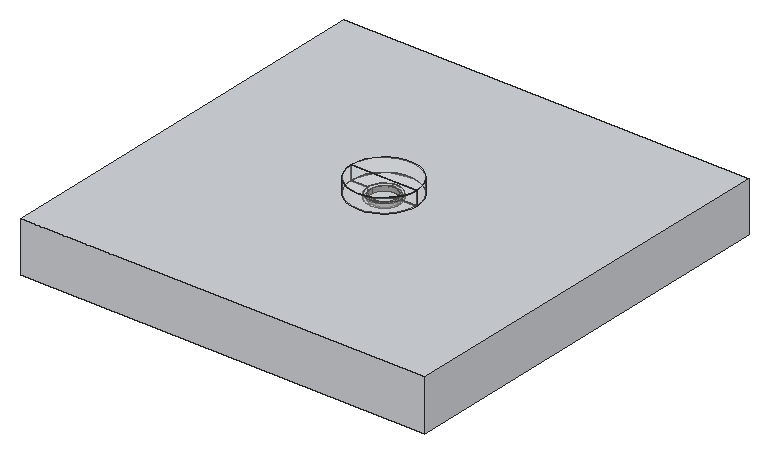
Revit family "LE_D_RU_Anbauleuchte_V1700", category Leuchten, Revit 2017
Family settings
  Basisbauteil = Fläche
  Bemaßung runder Anschluss = Durchmesser verwenden
  Teiletyp = Normal
  OmniClass-Nummer = 23.80.70.11.14.11
  OmniClass-Titel = Downlights
  Beim Laden mit Abzugskörper schneiden = Nein
  Lichtquelle = Ja
  Gemeinsam genutzt = Nein
  Raumberechnungspunkt = Nein
Parameters (values of type "Downlight_40cm")
  pbr_Material_KZ = ""
  pbr_Material = none
  pbr_E_Typ = ""
  pbr_E_KZ = ""
  pbr_DINBild = 0
  pbr_Bild = 0
  Zentrale [instance] = ""
  Wirkleistung [instance] = 0 W
  Wattage = 100 W
  Typenkommentare = "A1"
  Typ = "A17"
  Text3 = ""
  Text2 = ""
  Text1 = ""
  built-in parameter 1150110 = 1 (stored number, unit not read)
  built-in parameter 1150109 = 1 (stored number, unit not read)
  built-in parameter 1150134 = 4
  built-in parameter 1150113 = 1 (stored number, unit not read)
  Spannung [instance] = 0
  Scheinleistung [instance] = 0 VA
  Schaltgruppe2 [instance] = 0
  Schaltgruppe1 [instance] = 0
  Radius/2 = Radius / 2  # 100 mm
  Radius = 200 mm
  Planungsbüro Rohling = "www.pbr.de"
  Neigungswinkel = -90.00°
  Menge(Dosenzahl) = 1
  Linie/Anschluss [instance] = ""
  Lampentyp [instance] = ""
  Kommentar zur Wattzahl [instance] = ""
  Installationsart [instance] = ""
  Info = ""
  Gewerk [instance] = "BEL"
  built-in parameter 1010507 = 1.5708 (stored number, unit not read)
  built-in parameter 1010506 = 0.5236 (stored number, unit not read)
  built-in parameter 1150115 = 1 (stored number, unit not read)
  built-in parameter 1150105 = 5851.2 (stored number, unit not read)
  Lastklassifizierung = Beleuchtung
  Light Source Symbol Length = 3048 mm
  built-in parameter 1150137 = 1
  built-in parameter 1150139 = (empty or 0)
  Lichtboxmaterial = Metall - Oberfläche lackiert - Dunkelgrau, matt
  built-in parameter 1150112 = 1 (stored number, unit not read)
  built-in parameter 1150114 = 1 (stored number, unit not read)
  built-in parameter 1150132 = (empty or 0)
  B_YVersatz [instance] = 1822.643 mm
  B_XVerastz [instance] = 880.287 mm
  built-in parameter 1150102 = (empty or 0)
  built-in parameter 1150138 = (empty or 0)
  built-in parameter 1150107 = 2800 (stored number, unit not read)
  built-in parameter 1150106 = 58.512 (stored number, unit not read)
  Von Kreisdurchmesser aussenden = 248 mm  # constant formula
  Emit Shape Visible in Rendering = no
  built-in parameter 1150104 = 1.6258 (stored number, unit not read)
  Dimming Lamp Color Temperature Shift = (empty or 0)
  Diffusormaterial = Glas - Weiß, hohe Luminanz
  Lumens = 1750 lm
  built-in parameter 1114217 = 0.88 (stored number, unit not read)
  Lamp = ""
  Vorgabe-Ansicht = 1200 mm
  Color Filter = 16777215
  built-in parameter 1140040 [instance] = 1
  Spannung Vorschaltgerät = 230 V
  Phasen Vorschaltgerät = 1
  built-in parameter 1114218 = 0.88 (stored number, unit not read)
  Länge des Lichtquellensymbols = 3048 mm
  Baugruppenkennzeichen = "D5020220"
  Scheinlast = 0 VA
Types (4, lengths in mm): name | Radius/2 | Radius
  Downlight_50cm | 100 | 200
  Downlight_40cm | 100 | 200
  Downlight_30cm | 75 | 150
  Downlight_10cm | 50 | 100
Reference planes
  plane 1 "Mitte (Vorne/Hinten)": y = 0
  plane 2: z = 0
  plane 3 "Mitte (Links/Rechts)": x = 0
  plane 4: z = 25.4
  plane 5: z = 114.3
  plane 6: x = -200
  plane 7: x = -196.825
  plane 8: z = 111.125
  plane 9: x = -100
  plane 10: x = -96.825
  plane 11: z = 28.575
  plane 12: x = -73
Forms (mm)
  Extrusion 1, solid
    sketch origin (0, 0, 0) x (1, 0, 0) y (0, 1, 0)
      loop
        line (-1219.2, 1219.2) -> (-1219.2, -1219.2) -> (1219.2, -1219.2) -> (1219.2, 1219.2) -> (-1219.2, 1219.2)
    from 0 to -304.8
  Revolve 2, solid, material "Glas - Weiß, hohe Luminanz" <- "Diffusormaterial"
    sketch origin (0, 0, 0) x (1, 0, 0) y (0, 0, 1)
      loop
        line (0, 114.3) -> (-200, 114.3) -> (-200, 25.4) -> (-100, 25.4) -> (-100, 0) -> (-96.825, 0) -> (-96.825, 28.575) -> (-196.825, 28.575) -> (-196.825, 111.125) -> (0, 111.125) -> (0, 114.3)
      axis (0, 114.3) -> (0, 0)
    angle from 0 to 360
  Extrusion 3, solid, material "Metall - Oberfläche lackiert - Dunkelgrau, matt" <- "Lichtboxmaterial"
    sketch origin (0, 0, 0) x (1, 0, 0) y (0, 1, 0)
      loop
        circle (0, 0) r 82.55
      loop
        circle (0, 0) r 76.2
    from 0 to 25.4
Lines and regions (mm)
  model lines
    curve 1: line (0, 0, 0) -> (-21.213, 21.213, 0)
    curve 2: line (0, 0, 0) -> (21.213, 21.213, 0)
    curve 3: line (0, 0, 0) -> (21.213, -21.213, 0)
    curve 4: line (0, 0, 0) -> (-21.213, -21.213, 0)
Dimensions and locks
  locked: plane 4 to plane 2 at 25.4
  locked: plane 5 to plane 4 at 88.9
  "Radius": plane 3 "Mitte (Links/Rechts)" to plane 6
  locked: plane 7 to plane 6 at 3.175
  "Radius/2": plane 3 "Mitte (Links/Rechts)" to plane 9
  locked: plane 10 to plane 9 at 3.175
  locked: plane 5 to plane 8 at 3.175
  locked: plane 11 to plane 4 at 3.175
  plane 10 to imposter light = 96.825 mm
  plane 9 to imposter light = 100 mm
  plane 7 to plane 12 = 123.825 mm
  plane 6 to plane 12 = 127 mm
  aligned and locked: plane 2 to Extrusion 1
  aligned and locked: level to Extrusion 1
  aligned and locked: imposter light to plane 3 "Mitte (Links/Rechts)"
  aligned and locked: plane 1 "Mitte (Vorne/Hinten)" to imposter light
  aligned and locked: plane 1 "Mitte (Vorne/Hinten)" to Extrusion 3 sketch curve  (x2)
  aligned and locked: plane 3 "Mitte (Links/Rechts)" to Extrusion 3 sketch curve  (x2)
  aligned and locked: plane 4 to Extrusion 3
  aligned and locked: Extrusion 3 to plane 2
  aligned and locked: Revolve 2 to plane 5
  aligned and locked: Revolve 2 to plane 2
  aligned and locked: imposter light to plane 4
  aligned and locked: plane 1 "Mitte (Vorne/Hinten)" to nested 1
  aligned and locked: plane 3 "Mitte (Links/Rechts)" to nested 1
Automatic sketch dimensions
  Extrusion 1 sketch curve to Extrusion 1 sketch curve = 2438.4 mm  (x2)
  Revolve 2 sketch curve to plane 5 = 0 mm
  Revolve 2 sketch curve to plane 6 = 0 mm
  Revolve 2 sketch curve to plane 7 = 0 mm
  Revolve 2 sketch curve to level = 0 mm
  Revolve 2 sketch curve to plane 9 = 0 mm
  Revolve 2 sketch curve to plane 10 = 0 mm
  Revolve 2 sketch curve to plane 3 "Mitte (Links/Rechts)" = 0 mm  (x2)
  Revolve 2 sketch curve to plane 4 = 0 mm  (x2)
  Revolve 2 sketch curve to plane 11 = 0 mm
  Revolve 2 sketch curve to plane 8 = 0 mm  (x2)
  plane 1 "Mitte (Vorne/Hinten)" to curve 1 = 0 mm
  curve 1 to plane 3 "Mitte (Links/Rechts)" = 0 mm
  curve 4 to plane 3 "Mitte (Links/Rechts)" = 21.213 mm
  curve 1 to plane 3 "Mitte (Links/Rechts)" = 21.213 mm
  plane 3 "Mitte (Links/Rechts)" to curve 2 = 21.213 mm
  plane 3 "Mitte (Links/Rechts)" to curve 3 = 21.213 mm
  plane 1 "Mitte (Vorne/Hinten)" to curve 4 = 21.213 mm
  radius of Extrusion 3 sketch curve = 82.55 mm
  radius of Extrusion 3 sketch curve = 76.2 mm
Nested families
  nested 1: "Downlight - rund - Aufputz" at (0, 0, 0), type "Downlight - rund - Aufputz", detail levels coarse+medium
Connectors
  electrical at (0, 0, 114.3), driven by "Spannung Vorschaltgerät", driven by "Phasen Vorschaltgerät", driven by "Scheinlast", driven by "Lastklassifizierung"
    settings: on Revolve 2, index 1, voltage 230 V, apparent load 0 VA, apparent load phase1 0 VA, apparent load phase2 0 VA, apparent load phase3 0 VA, power factor 1, load classification "Beleuchtung", number of poles 1, system type 30, power factor state 1, is connector primary yes, connector utility no, sub classification motor no, connector description ""
Definition of nested family "Downlight - rund - Aufputz"
  Parameters (values of type "Downlight - rund - Aufputz")
    pbr_Material_KZ = ""
    pbr_Material = none
    pbr_E_Typ = ""
    pbr_E_KZ = ""
    pbr_DINBild = 0
    pbr_Bild = 0
    Zentrale [instance] = ""
    Wirkungsgrad [instance] = 0 lm/W
    Watt [instance] = 0 W
    Typ = ""
    Text3 = ""
    Text2 = ""
    Text1 = ""
    Spannung [instance] = 0
    Scheinleistung [instance] = 0 VA
    Schaltgruppe2 [instance] = 0
    Schaltgruppe1 [instance] = 0
    R = 50 mm
    Planungsbüro Rohling = "www.pbr.de"
    Menge(Dosenzahl) = 1
    Lastklassifizierung [instance] = none
    Lampentyp [instance] = ""
    Kreuz = R / 4  # 12.5 mm
    Kommentar zur Wattzahl [instance] = ""
    Installationsart [instance] = ""
    Info = ""
    Gewerk = "Beleuchtung"
  Reference planes
    plane 1 "Mitte (Vorne/Hinten)": y = 0
    plane 2: z = 0
    plane 3 "Mitte (Links/Rechts)": x = 0
    plane 4: y = 6.25
    plane 5: y = -6.25
    plane 6: x = -6.25
    plane 7: x = 6.25
  Lines and regions (mm)
    Filled region 1, type "Beton", in view "Referenzebene"
      outline origin (0, 0, 0) x (1, 0, 0) y (0, 1, 0)
        loop
          circle (0, 0) r 50
    detail lines, in view "Referenzebene"
      curve 1: line (-6.25, 6.25, 0) -> (0, 0, 0)
      curve 2: line (0, 0, 0) -> (6.25, -6.25, 0)
      curve 3: line (0, 0, 0) -> (-6.25, -6.25, 0)
      curve 4: line (0, 0, 0) -> (6.25, 6.25, 0)
  Dimensions and locks
    equal spacing: plane 5, plane 1 "Mitte (Vorne/Hinten)", plane 4
    equal spacing: plane 6, plane 3 "Mitte (Links/Rechts)", plane 7
    "Kreuz": plane 6 to plane 7
    "Kreuz": plane 5 to plane 4
    "R": radius of Filled region 1 sketch curve
    aligned and locked: plane 1 "Mitte (Vorne/Hinten)" to Filled region 1 sketch curve
    aligned and locked: plane 3 "Mitte (Links/Rechts)" to Filled region 1 sketch curve
    aligned and locked: plane 4 to curve 4
  Automatic sketch dimensions
    plane 5 to curve 3 = 0 mm
    curve 3 to plane 6 = 0 mm
    plane 4 to curve 1 = 0 mm
    curve 1 to plane 6 = 0 mm
    curve 4 to plane 3 "Mitte (Links/Rechts)" = 0 mm
    curve 4 to plane 7 = 0 mm
    curve 2 to plane 7 = 0 mm
